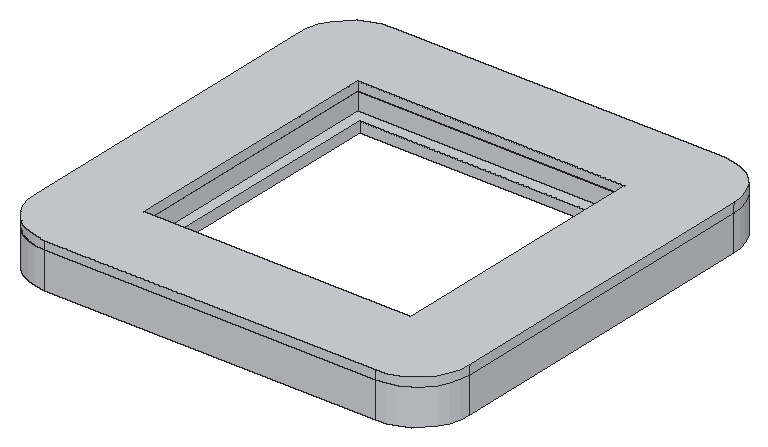
Revit family "Gira_0211417", category Electrical Fixtures, host Face, Revit 2017
Family settings
  Host = Face
  Maintain Annotation Orientation = No
  Round Connector Dimension = Use Diameter
  Part Type = Normal
  Cut with Voids When Loaded = No
  Shared = No
  Room Calculation Point = No
Parameters (values of type "Cov.fr. 1-g Gira E3 sand/p.white")
  URL = "http://katalog.gira.de/en/datenblatt.html?artikelnr=0211417"
  Transparent = "No"
  Name = "Cov.fr. 1-g Gira E3 sand/p.white"
  Manufacturer URL = "https://www.gira.de/"
  Manufacturer = "Gira"
  Keynote = ""
  HeinzeBIM = "https://bimportal.heinze.de/bim/cov-fr-1-g-gira-e3-sand-p-white/5b8672b66634e8e5419257eefb374ff0dca722a7"
  HAN = "0211417"
  GTIN = "4010337024514"
  Description = "Cov.fr.1g E3 SdPw,Gira E3 cover frame,sand soft touch with pure white glossy intermediate frame,1-gang,Features:,- Shatter-proof.,,Notes :,- Soft-touch surface,- NCS value: approx. NCS S 2005-Y20R"
  Default Elevation = 1219.2 mm
  Data sheet (1) = "https://katalog.gira.de/en/download.html?artikelnr=0211417"
  Category = "Cover frame for domestic switching devices"
  BIM (1) = "https://media.stage.bim.site/public/gira/36a6b08/E3_Rahmen_1fach.rfa"
  Available = "No"
Reference planes
  plane 1 "Center (Front/Back)": y = 0
  plane 2: z = 0
  plane 3 "Center (Left/Right)": x = 0
Forms (mm)
  Extrusion 1, solid, detail levels fine
    sketch origin (0, 0, 0) x (1, 0, 0) y (0, 1, 0)
      loop
        arc (-34.8, 45.809) -> (-42.585, 42.585) -> (-45.809, 34.8) r 11.009
        line (-45.809, 34.8) -> (-45.809, -34.8)
        arc (-45.809, -34.8) -> (-42.585, -42.585) -> (-34.8, -45.809) r 11.009
        line (-34.8, -45.809) -> (34.8, -45.809)
        arc (34.8, -45.809) -> (42.585, -42.585) -> (45.809, -34.8) r 11.009
        line (45.809, -34.8) -> (45.809, 34.8)
        arc (45.809, 34.8) -> (42.585, 42.585) -> (34.8, 45.809) r 11.009
        line (34.8, 45.809) -> (-34.8, 45.809)
      loop
        line (28.187, 28.156) -> (-28.187, 28.156) -> (-28.187, -28.156) -> (28.187, -28.156) -> (28.187, 28.156)
    from 7.65 to 9.5
  Extrusion 2, solid, detail levels fine
    sketch origin (0, 0, 0) x (1, 0, 0) y (0, 1, 0)
      loop
        line (25.7, 25.7) -> (-25.7, 25.7) -> (-25.7, -25.7) -> (25.7, -25.7) -> (25.7, 25.7)
      loop
        line (-28.187, -28.156) -> (28.187, -28.156) -> (28.187, 28.156) -> (-28.187, 28.156) -> (-28.187, -28.156)
    from 1.65 to 3.9
  Extrusion 3, solid, detail levels fine
    sketch origin (0, 0, 0) x (1, 0, 0) y (0, 1, 0)
      loop
        arc (-34.8, 45.809) -> (-42.585, 42.585) -> (-45.809, 34.8) r 11.009
        line (-45.809, 34.8) -> (-45.809, -34.8)
        arc (-45.809, -34.8) -> (-42.585, -42.585) -> (-34.8, -45.809) r 11.009
        line (-34.8, -45.809) -> (34.8, -45.809)
        arc (34.8, -45.809) -> (42.585, -42.585) -> (45.809, -34.8) r 11.009
        line (45.809, -34.8) -> (45.809, 34.8)
        arc (45.809, 34.8) -> (42.585, 42.585) -> (34.8, 45.809) r 11.009
        line (34.8, 45.809) -> (-34.8, 45.809)
      loop
        line (-43.843, 34.785) -> (-43.843, -34.785)
        arc (-43.843, -34.785) -> (-41.19, -41.19) -> (-34.785, -43.843) r 9.058
        line (-34.785, -43.843) -> (34.785, -43.843)
        arc (34.785, -43.843) -> (41.19, -41.19) -> (43.843, -34.785) r 9.058
        line (43.843, -34.785) -> (43.843, 34.785)
        arc (43.843, 34.785) -> (41.19, 41.19) -> (34.785, 43.843) r 9.058
        line (34.785, 43.843) -> (-34.785, 43.843)
        arc (-34.785, 43.843) -> (-41.19, 41.19) -> (-43.843, 34.785) r 9.058
    from 0 to 7.65
  Extrusion 4, solid, detail levels fine
    sketch origin (0, 0, 0) x (1, 0, 0) y (0, 1, 0)
      loop
        line (-27.337, -31.075) -> (27.337, -31.075)
        arc (27.337, -31.075) -> (29.98, -29.98) -> (31.075, -27.337) r 3.739
        line (31.075, -27.337) -> (31.075, 27.337)
        arc (31.075, 27.337) -> (29.98, 29.98) -> (27.337, 31.075) r 3.739
        line (27.337, 31.075) -> (-27.337, 31.075)
        arc (-27.337, 31.075) -> (-29.98, 29.98) -> (-31.075, 27.337) r 3.739
        line (-31.075, 27.337) -> (-31.075, -27.337)
        arc (-31.075, -27.337) -> (-29.98, -29.98) -> (-27.337, -31.075) r 3.739
      loop
        line (-29.925, 27.537) -> (-29.925, -27.537)
        arc (-29.925, -27.537) -> (-29.226, -29.226) -> (-27.537, -29.925) r 2.389
        line (-27.537, -29.925) -> (27.537, -29.925)
        arc (27.537, -29.925) -> (29.226, -29.226) -> (29.925, -27.537) r 2.389
        line (29.925, -27.537) -> (29.925, 27.537)
        arc (29.925, 27.537) -> (29.226, 29.226) -> (27.537, 29.925) r 2.389
        line (27.537, 29.925) -> (-27.537, 29.925)
        arc (-27.537, 29.925) -> (-29.226, 29.226) -> (-29.925, 27.537) r 2.389
    from 1.65 to 7.65
  Extrusion 5, solid, detail levels fine
    sketch origin (0, 0, 0) x (1, 0, 0) y (0, 1, 0)
      loop
        line (-32.053, -39.8) -> (32.053, -39.8)
        arc (32.053, -39.8) -> (37.667, -36.708) -> (39.9, -30.7) r 9.2
        line (39.9, -30.7) -> (39.9, 30.7)
        arc (39.9, 30.7) -> (37.205, 37.205) -> (30.7, 39.9) r 9.2
        line (30.7, 39.9) -> (-30.7, 39.9)
        arc (-30.7, 39.9) -> (-37.205, 37.205) -> (-39.9, 30.7) r 9.2
        line (-39.9, 30.7) -> (-39.9, -30.7)
        arc (-39.9, -30.7) -> (-37.667, -36.708) -> (-32.053, -39.8) r 9.2
      loop
        line (-30.7, -31.7) -> (30.7, -31.7)
        arc (30.7, -31.7) -> (31.407, -31.407) -> (31.7, -30.7) r 1
        line (31.7, -30.7) -> (31.7, 30.7)
        arc (31.7, 30.7) -> (31.407, 31.407) -> (30.7, 31.7) r 1
        line (30.7, 31.7) -> (-30.7, 31.7)
        arc (-30.7, 31.7) -> (-31.407, 31.407) -> (-31.7, 30.7) r 1
        line (-31.7, 30.7) -> (-31.7, -30.7)
        arc (-31.7, -30.7) -> (-31.407, -31.407) -> (-30.7, -31.7) r 1
    from 1.65 to 3.9
  Extrusion 6, solid, detail levels fine
    sketch origin (0, 0, 0) x (1, 0, 0) y (0, 1, 0)
      loop
        line (-28.187, 28.156) -> (-28.187, -28.156) -> (28.187, -28.156) -> (28.187, 28.156) -> (-28.187, 28.156)
      loop
        line (-29.925, 29.925) -> (-29.925, -29.925) -> (29.925, -29.925) -> (29.925, 29.925) -> (-29.925, 29.925)
    from 1.65 to 7.65
  Extrusion 7, solid, detail levels coarse+medium
    sketch origin (0, 0, 0) x (1, 0, 0) y (0, 1, 0)
      loop
        line (-45.809, 45.809) -> (-45.809, -45.809) -> (45.809, -45.809) -> (45.809, 45.809) -> (-45.809, 45.809)
    from 0 to 9.5
Dimensions and locks
  aligned and locked: plane 2 to host face
  aligned and locked: level to host face
